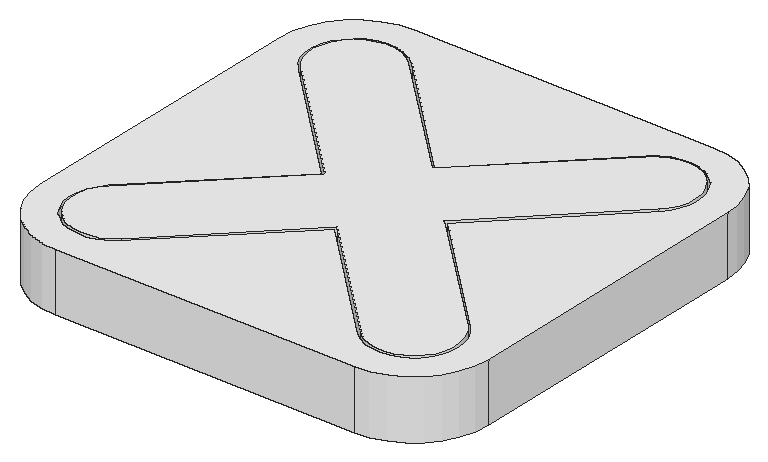
Revit family "basicDIM Wireless User Interface", category Lighting Devices, host Face, Revit 2015
Parameters (values of type "basicDIM Wireless User Interface")
  URL = "http://www.zumtobel.com/28002420"
  Type Comments = "© Zumtobel. We reserve the right to make technical changes without prior notice."  # constant formula
  Model = "28002420"
  Manufacturer = "Zumtobel Lighting"  # constant formula
  Default Elevation = 1219.2 mm
  Body [instance] = ZG_Metal_White
Reference planes
  plane 1 "Center (Front/Back)": y = 0
  plane 2: z = 0
  plane 3 "Center (Left/Right)": x = 0
  plane 4: x = -45
  plane 5: y = 45
  plane 6: x = 45
  plane 7: y = -45
Forms (mm)
  Extrusion 1, solid, material "ZG_Metal_White" <- "Body"
    sketch origin (0, 0, 0) x (1, 0, 0) y (0, 1, 0)
      loop
        line (-30, -45) -> (30, -45)
        arc (30, -45) -> (40.607, -40.607) -> (45, -30) r 15
        line (45, -30) -> (45, 30)
        arc (45, 30) -> (40.607, 40.607) -> (30, 45) r 15
        line (30, 45) -> (-30, 45)
        arc (-30, 45) -> (-40.607, 40.607) -> (-45, 30) r 15
        line (-45, 30) -> (-45, -30)
        arc (-45, -30) -> (-40.607, -40.607) -> (-30, -45) r 15
      loop
        line (-23.636, -36.364) -> (0, -12.728) -> (23.636, -36.364)
        arc (23.636, -36.364) -> (36.364, -36.364) -> (36.364, -23.636) r 9
        line (36.364, -23.636) -> (12.728, 0) -> (36.364, 23.636)
        arc (36.364, 23.636) -> (36.364, 36.364) -> (23.636, 36.364) r 9
        line (23.636, 36.364) -> (0, 12.728) -> (-23.636, 36.364)
        arc (-23.636, 36.364) -> (-36.364, 36.364) -> (-36.364, 23.636) r 9
        line (-36.364, 23.636) -> (-12.728, 0) -> (-36.364, -23.636)
        arc (-36.364, -23.636) -> (-36.364, -36.364) -> (-23.636, -36.364) r 9
    from 0 to 11.8
  Extrusion 2, solid, material "ZG_Metal_White" <- "Body"
    sketch origin (0, 0, 0) x (1, 0, 0) y (0, 1, 0)
      loop
        line (-12.021, 0) -> (-36.01, -23.99)
        arc (-36.01, -23.99) -> (-36.01, -36.01) -> (-23.99, -36.01) r 8.5
        line (-23.99, -36.01) -> (0, -12.021) -> (23.99, -36.01)
        arc (23.99, -36.01) -> (36.01, -36.01) -> (36.01, -23.99) r 8.5
        line (36.01, -23.99) -> (12.021, 0) -> (36.01, 23.99)
        arc (36.01, 23.99) -> (36.01, 36.01) -> (23.99, 36.01) r 8.5
        line (23.99, 36.01) -> (0, 12.021) -> (-23.99, 36.01)
        arc (-23.99, 36.01) -> (-36.01, 36.01) -> (-36.01, 23.99) r 8.5
        line (-36.01, 23.99) -> (-12.021, 0)
    from 5 to 12
  Extrusion 3, solid, material "ZG_Metal_White" <- "Body"
    sketch origin (0, 0, 0) x (1, 0, 0) y (0, 1, 0)
      loop
        arc (-43, -30) -> (-39.192, -39.192) -> (-30, -43) r 13
        line (-30, -43) -> (30, -43)
        arc (30, -43) -> (39.192, -39.192) -> (43, -30) r 13
        line (43, -30) -> (43, 30)
        arc (43, 30) -> (39.192, 39.192) -> (30, 43) r 13
        line (30, 43) -> (-30, 43)
        arc (-30, 43) -> (-39.192, 39.192) -> (-43, 30) r 13
        line (-43, 30) -> (-43, -30)
    from 0 to 5
Cuts and joins
  joined: Extrusion 1, Extrusion 3
Dimensions and locks
  aligned and locked: plane 2 to host face
  aligned and locked: level to host face
  aligned and locked: Extrusion 1 sketch curve to plane 7
  aligned and locked: plane 4 to Extrusion 1 sketch curve
  aligned and locked: plane 5 to Extrusion 1 sketch curve
  aligned and locked: Extrusion 1 sketch curve to plane 6
Connectors
  electrical at (0, 0, 0)
    settings: on cut or joined group of Extrusion 1, Extrusion 3, index 1, voltage 0 V, apparent load 0 VA, apparent load phase1 0 VA, apparent load phase2 0 VA, apparent load phase3 0 VA, power factor 1, load classification "Other", number of poles 1, system type 13, power factor state 1, is connector primary yes, connector utility no, sub classification motor no, connector description ""
